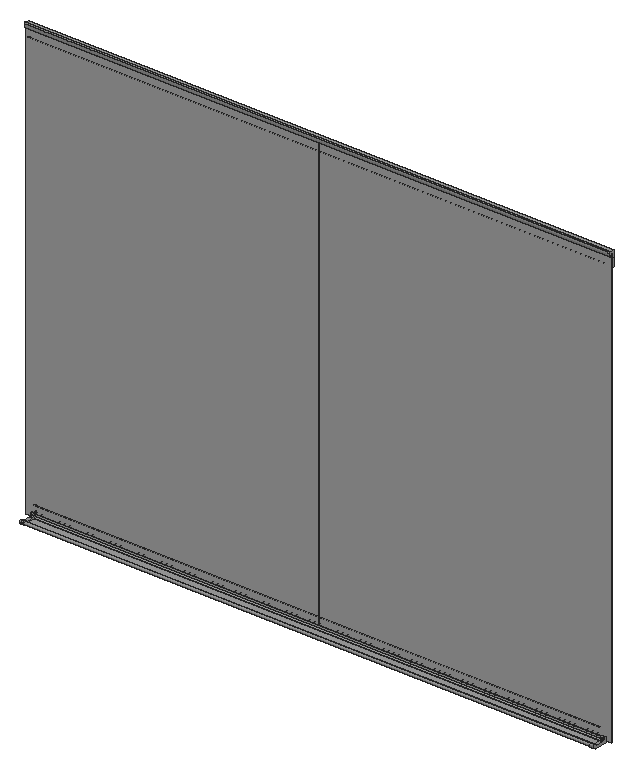
Revit family "Fluent Glass Wall 6x8", category Generic Models, Revit 2018
Family settings
  Can host rebar = No
  Round Connector Dimension = Use Diameter
  Part Type = Normal
  Work Plane-Based = No
  Always vertical = Yes
  Cut with Voids When Loaded = No
  Shared = No
  Room Calculation Point = No
Parameters
  Panel #2 = Fluent Glass Wall 6x8 Panel #2
  Panel #1 = Fluent Glass Wall 6x8 Panel #1
Reference planes (in)
  plane 1 "Center (Front/Back)": y = 0
  plane 2: z = 0
  plane 3 "Center (Left/Right)": x = 0
Forms (in)
  Extrusion 1, solid, material "Fluent Glass Wall Trim Metal"
    sketch origin (0, 0, 0) x (0, 1, 0) y (0, 0, 1)
      loop
        line (-0.28802, 12.71551) -> (-0.28802, 12.22363) -> (-0.48802, 12.22363) -> (-0.48802, 12.77363) -> (-0.60087, 12.77363)
        arc (-0.60087, 12.77363) -> (-0.62209, 12.76485) -> (-0.63087, 12.74363) r 0.03
        line (-0.63087, 12.74363) -> (-0.63087, 12.45418)
        arc (-0.63087, 12.45418) -> (-0.67788, 12.32564) -> (-0.79672, 12.25776) r 0.19924
        arc (-0.79672, 12.25776) -> (-0.86084, 12.24904) -> (-0.92548, 12.24613) r 0.7187
        line (-0.92548, 12.24613) -> (-1.97548, 12.24613)
        arc (-1.97548, 12.24613) -> (-2.26159, 12.30205) -> (-2.50559, 12.4616) r 0.75985
        arc (-2.50559, 12.4616) -> (-2.80704, 12.55283) -> (-2.79142, 12.23827) r 0.19261
        arc (-2.79142, 12.23827) -> (-2.48945, 12.06146) -> (-2.14496, 12) r 0.99607
        line (-2.14496, 12) -> (0, 12) -> (0, 12.30193)
        arc (0, 12.30193) -> (-0.0275, 12.32943) -> (-0.055, 12.30193) r 0.0275
        line (-0.055, 12.30193) -> (-0.055, 12.20843) -> (-0.20802, 12.20843) -> (-0.20802, 12.69439) -> (-0.0848, 12.81762)
        arc (-0.0848, 12.81762) -> (-0.06815, 12.82253) -> (-0.055, 12.81121) r 0.01814
        line (-0.055, 12.81121) -> (-0.055, 12.65693)
        arc (-0.055, 12.65693) -> (-0.0275, 12.62943) -> (0, 12.65693) r 0.0275
        line (0, 12.65693) -> (0, 13.70847)
        arc (0, 13.70847) -> (-0.03996, 13.74843) -> (-0.07993, 13.70847) r 0.03996
        line (-0.07993, 13.70847) -> (-0.07993, 13.62094)
        arc (-0.07993, 13.62094) -> (-0.07047, 13.60109) -> (-0.05, 13.59302) r 0.03
        line (-0.05, 13.59302) -> (-0.05, 13.15338)
        arc (-0.05, 13.15338) -> (-0.07121, 13.14459) -> (-0.08, 13.12338) r 0.03
        line (-0.08, 13.12338) -> (-0.08, 12.92353) -> (-0.28802, 12.71551)
    from -46.26181 to 46.26181
  Extrusion 2, solid, material "Fluent Glass Wall Trim Metal"
    sketch origin (0, 0, 0) x (0, 1, 0) y (0, 0, 1)
      loop
        line (0, 83.35978) -> (-0.645, 83.35978)
        arc (-0.645, 83.35978) -> (-0.73852, 83.31739) -> (-0.76829, 83.21911) r 0.12436
        arc (-0.76829, 83.21911) -> (-0.57148, 82.66433) -> (-0.166, 82.23759) r 1.41542
        line (-0.166, 82.23759) -> (-0.166, 82.19574)
        arc (-0.166, 82.19574) -> (-0.16235, 82.17737) -> (-0.15194, 82.1618) r 0.048
        line (-0.15194, 82.1618) -> (-0.1, 82.10985) -> (-0.1, 81.00078)
        arc (-0.1, 81.00078) -> (-0.05, 80.95078) -> (0, 81.00078) r 0.05
        line (0, 81.00078) -> (0, 83.35978)
    from -47.24409 to 47.24409
  Extrusion 3, solid, material "Fluent Glass Wall 6x8 Panel #2" <- "Panel #2"
    sketch origin (0, 0, 0) x (0, 1, 0) y (0, 0, 1)
      loop
        line (-0.48802, 12.22363) -> (-0.28802, 12.22363) -> (-0.28802, 83.08978) -> (-0.48802, 83.08978) -> (-0.48802, 12.22363)
    from 0 to 47.24409
  Extrusion 4, solid, material "Fluent Glass Wall 6x8 Panel #1" <- "Panel #1"
    sketch origin (0, 0, 0) x (0, 1, 0) y (0, 0, -1)
      loop
        line (-0.48802, -12.22363) -> (-0.48802, -83.08978) -> (-0.28802, -83.08978) -> (-0.28802, -12.22363) -> (-0.48802, -12.22363)
    from 0 to 47.24409
  Extrusion 5, solid, material "Fluent Glass Wall Trim Black"
    sketch origin (0, 0, 0) x (0, 1, 0) y (0, 0, 1)
      loop
        line (-0.48802, 12.80488) -> (-0.60087, 12.80488)
        arc (-0.60087, 12.80488) -> (-0.64418, 12.78694) -> (-0.66212, 12.74363) r 0.06125
        line (-0.66212, 12.74363) -> (-0.66212, 12.45418)
        arc (-0.66212, 12.45418) -> (-0.70181, 12.34573) -> (-0.80213, 12.28853) r 0.16799
        arc (-0.80213, 12.28853) -> (-0.86355, 12.28017) -> (-0.92548, 12.27738) r 0.68745
        line (-0.92548, 12.27738) -> (-1.97548, 12.27738)
        arc (-1.97548, 12.27738) -> (-2.24646, 12.32965) -> (-2.47857, 12.47895) r 0.7286
        arc (-2.47857, 12.47895) -> (-2.82851, 12.57569) -> (-2.81005, 12.2131) r 0.22386
        arc (-2.81005, 12.2131) -> (-2.49924, 12.03177) -> (-2.14496, 11.96875) r 1.02732
        line (-2.14496, 11.96875) -> (-0.48802, 11.96875) -> (-0.48802, 12.80488)
    from 45.75863 to 46.29027
  Extrusion 6, solid, material "Fluent Glass Wall Trim Black"
    sketch origin (0, 0, 0) x (0, 1, 0) y (0, 0, -1)
      loop
        line (-0.48802, -12.80488) -> (-0.48802, -11.96875) -> (-2.14496, -11.96875)
        arc (-2.14496, -11.96875) -> (-2.49924, -12.03177) -> (-2.81005, -12.2131) r 1.02732
        arc (-2.81005, -12.2131) -> (-2.82851, -12.57569) -> (-2.47857, -12.47895) r 0.22386
        arc (-2.47857, -12.47895) -> (-2.24646, -12.32965) -> (-1.97548, -12.27738) r 0.7286
        line (-1.97548, -12.27738) -> (-0.92548, -12.27738)
        arc (-0.92548, -12.27738) -> (-0.86355, -12.28017) -> (-0.80213, -12.28853) r 0.68745
        arc (-0.80213, -12.28853) -> (-0.70181, -12.34573) -> (-0.66212, -12.45418) r 0.16799
        line (-0.66212, -12.45418) -> (-0.66212, -12.74363)
        arc (-0.66212, -12.74363) -> (-0.64418, -12.78694) -> (-0.60087, -12.80488) r 0.06125
        line (-0.60087, -12.80488) -> (-0.48802, -12.80488)
    from 45.75863 to 46.29027
Dimensions and locks (in)
  aligned and locked: plane 2 to level
